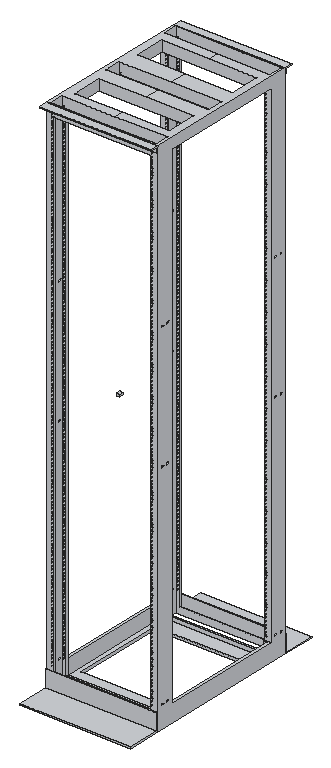
Revit family
Parameters
  Material ID = "760175711"
  Description = "EQUIPMENT RACK,FOUR POST,3/8\" SQUARE PUNCHED,19\" X 96\"H X 29\"D\r\n"
Reference planes (in)
  plane 1 "Center (Front/Back)": y = 0
  plane 2: z = 0
  plane 3 "Center (Left/Right)": x = 0
Forms (in)
  Extrusion 1, solid, not visible
    sketch origin (0, -14.305, 0) x (1, 0, 0) y (0, 0, 1)
      loop
        line (-8.5516, 0.86) -> (-8.5516, 0.46) -> (-7.9516, 0.46) -> (-7.9516, 0.86) -> (-8.5516, 0.86)
    from 0 to 0.77696
  Extrusion 2, solid
    sketch origin (0, 0, 0) x (1, 0, 0) y (0, 0, 1)
      loop
        line (-10.175, 54.12) -> (-10.175, -42) -> (10.175, -42) -> (10.175, 54.12) -> (0, 54.12) -> (-10.175, 54.12)
    from 0 to 29
  Extrusion 3, void
    sketch origin (0, 0, 0) x (1, 0, 0) y (0, 0, 1)
      loop
        line (-8.905, 52.12772) -> (-8.905, -40.8) -> (8.905, -40.8) -> (8.905, 52.12772) -> (-8.905, 52.12772)
    from 0 to 36
  Extrusion 4, void
    sketch origin (0, 0, 0) x (0, 1, 0) y (0, 0, 1)
      loop
        line (-3, 52.12772) -> (-25.79784, 52.12772) -> (-25.79784, -38.785) -> (-3, -38.785) -> (-3, 52.12772)
    from -31.70377 to 17.99623
  Extrusion 5, void
    sketch origin (0, 0, 0) x (0, 1, 0) y (0, 0, 1)
      loop
        line (-0.2, 59.72052) -> (-2.8, 59.72052) -> (-2.8, -66.46573) -> (-0.2, -66.46573) -> (-0.2, 59.72052)
    from -9.61605 to 9.71756
  Extrusion 6, void
    sketch origin (0, -29, 0) x (0, -1, 0) y (0, 0, -1)
      loop
        line (-0.2, -59.72052) -> (-0.2, 63.44959) -> (-2.8, 63.44959) -> (-2.8, -59.72052) -> (-0.2, -59.72052)
    from -9.61605 to 9.71756
  Extrusion 7, solid
    sketch origin (0, 0, -12) x (0, 1, 0) y (0, 0, 1)
      loop
        line (-29, -29.985) -> (-29, -26.785) -> (-29.2, -26.785) -> (-29.2, -29.785) -> (-35.2, -29.785) -> (-35.2, -29.985) -> (-29, -29.985)
      loop
        line (-29, 66.12) -> (-30.575, 66.12) -> (-30.575, 65.92) -> (-29.2, 65.92) -> (-29.2, 65.06396) -> (-29, 65.06396) -> (-29, 66.12)
      loop
        line (0, 66.12) -> (0, 65.06396) -> (0.2, 65.06396) -> (0.2, 65.92) -> (1.575, 65.92) -> (1.575, 66.12) -> (0, 66.12)
      loop
        line (0, -30) -> (6.2, -30) -> (6.2, -29.8) -> (0.2, -29.8) -> (0.2, -26.8) -> (0, -26.8) -> (0, -30)
    from -10.155 to 10.155
  Extrusion 8, void
    sketch origin (0, 0, 0) x (1, 0, 0) y (0, 1, 0)
      loop
        line (8.81573, -4.65622) -> (-8.68427, -4.65622) -> (-8.68427, -10.15622) -> (8.81573, -10.15622) -> (8.81573, -4.65622)
      loop
        line (9.39397, -13.32974) -> (-9.60603, -13.32974) -> (-9.60603, -16.32974) -> (9.39397, -16.32974) -> (9.39397, -13.32974)
      loop
        line (8.81573, -19.04784) -> (-8.68427, -19.04784) -> (-8.68427, -24.54784) -> (8.81573, -24.54784) -> (8.81573, -19.04784)
    from 59.72052 to 16.10929
  Extrusion 9, void
    sketch origin (0, 0, 0) x (1, 0, 0) y (0, 1, 0)
      loop
        line (8.74608, -23) -> (8.74608, -5.96462) -> (-8.75392, -5.96462) -> (-8.75392, -23) -> (8.74608, -23)
    from -52.54303 to 38.86972
  Extrusion 10, void
    sketch origin (0, 0, 0) x (0, 1, 0) y (0, 0, 1)
      loop
        circle (-26.875, 24.12) r 0.335
      loop
        circle (-28.125, 24.12) r 0.335
      loop
        circle (-0.875, 24.12) r 0.335
      loop
        circle (-2.125, 24.12) r 0.335
      loop
        circle (-26.875, 1.12) r 0.335
      loop
        circle (-28.125, 1.12) r 0.335
      loop
        circle (-0.875, 1.12) r 0.335
      loop
        circle (-2.125, 1.12) r 0.335
      loop
        circle (-26.875, -37.88) r 0.335
      loop
        circle (-28.125, -37.88) r 0.335
      loop
        circle (-0.875, -37.88) r 0.335
      loop
        circle (-2.125, -37.88) r 0.335
    from -24.88707 to 25.18322
  Extrusion 11, void
    sketch origin (0, 0, 0) x (1, 0, 0) y (0, 1, 0)
      loop
        line (-9.68285, -25.79784) -> (9.56715, -25.79784) -> (9.56715, -3.2) -> (-9.68285, -3.2) -> (-9.68285, -25.79784)
    from -41.49635 to -29.49635
  Extrusion 12, void
    sketch origin (0, 0, -12.25) x (1, 0, 0) y (0, 0, 1)
      loop
        line (-9.175, 52.604) -> (-9.264, 52.604) -> (-9.264, 52.515) -> (-9.264, 52.426) -> (-9.175, 52.426) -> (-9.086, 52.426) -> (-9.086, 52.604) -> (-9.175, 52.604)
      loop
        line (-9.175, 51.979) -> (-9.264, 51.979) -> (-9.264, 51.89) -> (-9.264, 51.801) -> (-9.175, 51.801) -> (-9.086, 51.801) -> (-9.086, 51.979) -> (-9.175, 51.979)
      loop
        line (-9.175, 51.354) -> (-9.264, 51.354) -> (-9.264, 51.265) -> (-9.264, 51.176) -> (-9.175, 51.176) -> (-9.086, 51.176) -> (-9.086, 51.354) -> (-9.175, 51.354)
      loop
        line (9.175, 52.604) -> (9.086, 52.604) -> (9.086, 52.426) -> (9.175, 52.426) -> (9.264, 52.426) -> (9.264, 52.515) -> (9.264, 52.604) -> (9.175, 52.604)
      loop
        line (9.175, 51.979) -> (9.086, 51.979) -> (9.086, 51.801) -> (9.175, 51.801) -> (9.264, 51.801) -> (9.264, 51.89) -> (9.264, 51.979) -> (9.175, 51.979)
      loop
        line (9.175, 51.354) -> (9.086, 51.354) -> (9.086, 51.176) -> (9.175, 51.176) -> (9.264, 51.176) -> (9.264, 51.265) -> (9.264, 51.354) -> (9.175, 51.354)
    from 0 to 36
  Extrusion 13, void
    sketch origin (0, 0, -14) x (1, 0, 0) y (0, 0, 1)
      loop
        line (-9.175, 52.604) -> (-9.264, 52.604) -> (-9.264, 52.515) -> (-9.264, 52.426) -> (-9.175, 52.426) -> (-9.086, 52.426) -> (-9.086, 52.604) -> (-9.175, 52.604)
      loop
        line (-9.175, 51.979) -> (-9.264, 51.979) -> (-9.264, 51.89) -> (-9.264, 51.801) -> (-9.175, 51.801) -> (-9.086, 51.801) -> (-9.086, 51.979) -> (-9.175, 51.979)
      loop
        line (-9.175, 51.354) -> (-9.264, 51.354) -> (-9.264, 51.265) -> (-9.264, 51.176) -> (-9.175, 51.176) -> (-9.086, 51.176) -> (-9.086, 51.354) -> (-9.175, 51.354)
      loop
        line (9.175, 52.604) -> (9.086, 52.604) -> (9.086, 52.426) -> (9.175, 52.426) -> (9.264, 52.426) -> (9.264, 52.515) -> (9.264, 52.604) -> (9.175, 52.604)
      loop
        line (9.175, 51.979) -> (9.086, 51.979) -> (9.086, 51.801) -> (9.175, 51.801) -> (9.264, 51.801) -> (9.264, 51.89) -> (9.264, 51.979) -> (9.175, 51.979)
      loop
        line (9.175, 51.354) -> (9.086, 51.354) -> (9.086, 51.176) -> (9.175, 51.176) -> (9.264, 51.176) -> (9.264, 51.265) -> (9.264, 51.354) -> (9.175, 51.354)
    from 0 to 36
  Extrusion 14, void
    sketch origin (0, 0, -15.75) x (1, 0, 0) y (0, 0, 1)
      loop
        line (-9.175, 52.604) -> (-9.264, 52.604) -> (-9.264, 52.515) -> (-9.264, 52.426) -> (-9.175, 52.426) -> (-9.086, 52.426) -> (-9.086, 52.604) -> (-9.175, 52.604)
      loop
        line (-9.175, 51.979) -> (-9.264, 51.979) -> (-9.264, 51.89) -> (-9.264, 51.801) -> (-9.175, 51.801) -> (-9.086, 51.801) -> (-9.086, 51.979) -> (-9.175, 51.979)
      loop
        line (-9.175, 51.354) -> (-9.264, 51.354) -> (-9.264, 51.265) -> (-9.264, 51.176) -> (-9.175, 51.176) -> (-9.086, 51.176) -> (-9.086, 51.354) -> (-9.175, 51.354)
      loop
        line (9.175, 52.604) -> (9.086, 52.604) -> (9.086, 52.426) -> (9.175, 52.426) -> (9.264, 52.426) -> (9.264, 52.515) -> (9.264, 52.604) -> (9.175, 52.604)
      loop
        line (9.175, 51.979) -> (9.086, 51.979) -> (9.086, 51.801) -> (9.175, 51.801) -> (9.264, 51.801) -> (9.264, 51.89) -> (9.264, 51.979) -> (9.175, 51.979)
      loop
        line (9.175, 51.354) -> (9.086, 51.354) -> (9.086, 51.176) -> (9.175, 51.176) -> (9.264, 51.176) -> (9.264, 51.265) -> (9.264, 51.354) -> (9.175, 51.354)
    from 0 to 36
  Extrusion 15, void
    sketch origin (0, 0, -17.5) x (1, 0, 0) y (0, 0, 1)
      loop
        line (-9.175, 52.604) -> (-9.264, 52.604) -> (-9.264, 52.515) -> (-9.264, 52.426) -> (-9.175, 52.426) -> (-9.086, 52.426) -> (-9.086, 52.604) -> (-9.175, 52.604)
      loop
        line (-9.175, 51.979) -> (-9.264, 51.979) -> (-9.264, 51.89) -> (-9.264, 51.801) -> (-9.175, 51.801) -> (-9.086, 51.801) -> (-9.086, 51.979) -> (-9.175, 51.979)
      loop
        line (-9.175, 51.354) -> (-9.264, 51.354) -> (-9.264, 51.265) -> (-9.264, 51.176) -> (-9.175, 51.176) -> (-9.086, 51.176) -> (-9.086, 51.354) -> (-9.175, 51.354)
      loop
        line (9.175, 52.604) -> (9.086, 52.604) -> (9.086, 52.426) -> (9.175, 52.426) -> (9.264, 52.426) -> (9.264, 52.515) -> (9.264, 52.604) -> (9.175, 52.604)
      loop
        line (9.175, 51.979) -> (9.086, 51.979) -> (9.086, 51.801) -> (9.175, 51.801) -> (9.264, 51.801) -> (9.264, 51.89) -> (9.264, 51.979) -> (9.175, 51.979)
      loop
        line (9.175, 51.354) -> (9.086, 51.354) -> (9.086, 51.176) -> (9.175, 51.176) -> (9.264, 51.176) -> (9.264, 51.265) -> (9.264, 51.354) -> (9.175, 51.354)
    from 0 to 36
  Extrusion 16, void
    sketch origin (0, 0, -19.25) x (1, 0, 0) y (0, 0, 1)
      loop
        line (-9.175, 52.604) -> (-9.264, 52.604) -> (-9.264, 52.515) -> (-9.264, 52.426) -> (-9.175, 52.426) -> (-9.086, 52.426) -> (-9.086, 52.604) -> (-9.175, 52.604)
      loop
        line (-9.175, 51.979) -> (-9.264, 51.979) -> (-9.264, 51.89) -> (-9.264, 51.801) -> (-9.175, 51.801) -> (-9.086, 51.801) -> (-9.086, 51.979) -> (-9.175, 51.979)
      loop
        line (-9.175, 51.354) -> (-9.264, 51.354) -> (-9.264, 51.265) -> (-9.264, 51.176) -> (-9.175, 51.176) -> (-9.086, 51.176) -> (-9.086, 51.354) -> (-9.175, 51.354)
      loop
        line (9.175, 52.604) -> (9.086, 52.604) -> (9.086, 52.426) -> (9.175, 52.426) -> (9.264, 52.426) -> (9.264, 52.515) -> (9.264, 52.604) -> (9.175, 52.604)
      loop
        line (9.175, 51.979) -> (9.086, 51.979) -> (9.086, 51.801) -> (9.175, 51.801) -> (9.264, 51.801) -> (9.264, 51.89) -> (9.264, 51.979) -> (9.175, 51.979)
      loop
        line (9.175, 51.354) -> (9.086, 51.354) -> (9.086, 51.176) -> (9.175, 51.176) -> (9.264, 51.176) -> (9.264, 51.265) -> (9.264, 51.354) -> (9.175, 51.354)
    from 0 to 36
  Extrusion 17, void
    sketch origin (0, 0, -21) x (1, 0, 0) y (0, 0, 1)
      loop
        line (-9.175, 52.604) -> (-9.264, 52.604) -> (-9.264, 52.515) -> (-9.264, 52.426) -> (-9.175, 52.426) -> (-9.086, 52.426) -> (-9.086, 52.604) -> (-9.175, 52.604)
      loop
        line (-9.175, 51.979) -> (-9.264, 51.979) -> (-9.264, 51.89) -> (-9.264, 51.801) -> (-9.175, 51.801) -> (-9.086, 51.801) -> (-9.086, 51.979) -> (-9.175, 51.979)
      loop
        line (-9.175, 51.354) -> (-9.264, 51.354) -> (-9.264, 51.265) -> (-9.264, 51.176) -> (-9.175, 51.176) -> (-9.086, 51.176) -> (-9.086, 51.354) -> (-9.175, 51.354)
      loop
        line (9.175, 52.604) -> (9.086, 52.604) -> (9.086, 52.426) -> (9.175, 52.426) -> (9.264, 52.426) -> (9.264, 52.515) -> (9.264, 52.604) -> (9.175, 52.604)
      loop
        line (9.175, 51.979) -> (9.086, 51.979) -> (9.086, 51.801) -> (9.175, 51.801) -> (9.264, 51.801) -> (9.264, 51.89) -> (9.264, 51.979) -> (9.175, 51.979)
      loop
        line (9.175, 51.354) -> (9.086, 51.354) -> (9.086, 51.176) -> (9.175, 51.176) -> (9.264, 51.176) -> (9.264, 51.265) -> (9.264, 51.354) -> (9.175, 51.354)
    from 0 to 36
  Extrusion 18, void
    sketch origin (0, 0, -22.75) x (1, 0, 0) y (0, 0, 1)
      loop
        line (-9.175, 52.604) -> (-9.264, 52.604) -> (-9.264, 52.515) -> (-9.264, 52.426) -> (-9.175, 52.426) -> (-9.086, 52.426) -> (-9.086, 52.604) -> (-9.175, 52.604)
      loop
        line (-9.175, 51.979) -> (-9.264, 51.979) -> (-9.264, 51.89) -> (-9.264, 51.801) -> (-9.175, 51.801) -> (-9.086, 51.801) -> (-9.086, 51.979) -> (-9.175, 51.979)
      loop
        line (-9.175, 51.354) -> (-9.264, 51.354) -> (-9.264, 51.265) -> (-9.264, 51.176) -> (-9.175, 51.176) -> (-9.086, 51.176) -> (-9.086, 51.354) -> (-9.175, 51.354)
      loop
        line (9.175, 52.604) -> (9.086, 52.604) -> (9.086, 52.426) -> (9.175, 52.426) -> (9.264, 52.426) -> (9.264, 52.515) -> (9.264, 52.604) -> (9.175, 52.604)
      loop
        line (9.175, 51.979) -> (9.086, 51.979) -> (9.086, 51.801) -> (9.175, 51.801) -> (9.264, 51.801) -> (9.264, 51.89) -> (9.264, 51.979) -> (9.175, 51.979)
      loop
        line (9.175, 51.354) -> (9.086, 51.354) -> (9.086, 51.176) -> (9.175, 51.176) -> (9.264, 51.176) -> (9.264, 51.265) -> (9.264, 51.354) -> (9.175, 51.354)
    from 0 to 36
  Extrusion 19, void
    sketch origin (0, 0, -24.5) x (1, 0, 0) y (0, 0, 1)
      loop
        line (-9.175, 52.604) -> (-9.264, 52.604) -> (-9.264, 52.515) -> (-9.264, 52.426) -> (-9.175, 52.426) -> (-9.086, 52.426) -> (-9.086, 52.604) -> (-9.175, 52.604)
      loop
        line (-9.175, 51.979) -> (-9.264, 51.979) -> (-9.264, 51.89) -> (-9.264, 51.801) -> (-9.175, 51.801) -> (-9.086, 51.801) -> (-9.086, 51.979) -> (-9.175, 51.979)
      loop
        line (-9.175, 51.354) -> (-9.264, 51.354) -> (-9.264, 51.265) -> (-9.264, 51.176) -> (-9.175, 51.176) -> (-9.086, 51.176) -> (-9.086, 51.354) -> (-9.175, 51.354)
      loop
        line (9.175, 52.604) -> (9.086, 52.604) -> (9.086, 52.426) -> (9.175, 52.426) -> (9.264, 52.426) -> (9.264, 52.515) -> (9.264, 52.604) -> (9.175, 52.604)
      loop
        line (9.175, 51.979) -> (9.086, 51.979) -> (9.086, 51.801) -> (9.175, 51.801) -> (9.264, 51.801) -> (9.264, 51.89) -> (9.264, 51.979) -> (9.175, 51.979)
      loop
        line (9.175, 51.354) -> (9.086, 51.354) -> (9.086, 51.176) -> (9.175, 51.176) -> (9.264, 51.176) -> (9.264, 51.265) -> (9.264, 51.354) -> (9.175, 51.354)
    from 0 to 36
  Extrusion 20, void
    sketch origin (0, 0, -26.25) x (1, 0, 0) y (0, 0, 1)
      loop
        line (-9.175, 52.604) -> (-9.264, 52.604) -> (-9.264, 52.515) -> (-9.264, 52.426) -> (-9.175, 52.426) -> (-9.086, 52.426) -> (-9.086, 52.604) -> (-9.175, 52.604)
      loop
        line (-9.175, 51.979) -> (-9.264, 51.979) -> (-9.264, 51.89) -> (-9.264, 51.801) -> (-9.175, 51.801) -> (-9.086, 51.801) -> (-9.086, 51.979) -> (-9.175, 51.979)
      loop
        line (-9.175, 51.354) -> (-9.264, 51.354) -> (-9.264, 51.265) -> (-9.264, 51.176) -> (-9.175, 51.176) -> (-9.086, 51.176) -> (-9.086, 51.354) -> (-9.175, 51.354)
      loop
        line (9.175, 52.604) -> (9.086, 52.604) -> (9.086, 52.426) -> (9.175, 52.426) -> (9.264, 52.426) -> (9.264, 52.515) -> (9.264, 52.604) -> (9.175, 52.604)
      loop
        line (9.175, 51.979) -> (9.086, 51.979) -> (9.086, 51.801) -> (9.175, 51.801) -> (9.264, 51.801) -> (9.264, 51.89) -> (9.264, 51.979) -> (9.175, 51.979)
      loop
        line (9.175, 51.354) -> (9.086, 51.354) -> (9.086, 51.176) -> (9.175, 51.176) -> (9.264, 51.176) -> (9.264, 51.265) -> (9.264, 51.354) -> (9.175, 51.354)
    from 0 to 36
  Extrusion 21, void
    sketch origin (0, 0, -28) x (1, 0, 0) y (0, 0, 1)
      loop
        line (-9.175, 52.604) -> (-9.264, 52.604) -> (-9.264, 52.515) -> (-9.264, 52.426) -> (-9.175, 52.426) -> (-9.086, 52.426) -> (-9.086, 52.604) -> (-9.175, 52.604)
      loop
        line (-9.175, 51.979) -> (-9.264, 51.979) -> (-9.264, 51.89) -> (-9.264, 51.801) -> (-9.175, 51.801) -> (-9.086, 51.801) -> (-9.086, 51.979) -> (-9.175, 51.979)
      loop
        line (-9.175, 51.354) -> (-9.264, 51.354) -> (-9.264, 51.265) -> (-9.264, 51.176) -> (-9.175, 51.176) -> (-9.086, 51.176) -> (-9.086, 51.354) -> (-9.175, 51.354)
      loop
        line (9.175, 52.604) -> (9.086, 52.604) -> (9.086, 52.426) -> (9.175, 52.426) -> (9.264, 52.426) -> (9.264, 52.515) -> (9.264, 52.604) -> (9.175, 52.604)
      loop
        line (9.175, 51.979) -> (9.086, 51.979) -> (9.086, 51.801) -> (9.175, 51.801) -> (9.264, 51.801) -> (9.264, 51.89) -> (9.264, 51.979) -> (9.175, 51.979)
      loop
        line (9.175, 51.354) -> (9.086, 51.354) -> (9.086, 51.176) -> (9.175, 51.176) -> (9.264, 51.176) -> (9.264, 51.265) -> (9.264, 51.354) -> (9.175, 51.354)
    from 0 to 36
  Extrusion 22, void
    sketch origin (0, 0, -29.75) x (1, 0, 0) y (0, 0, 1)
      loop
        line (-9.175, 52.604) -> (-9.264, 52.604) -> (-9.264, 52.515) -> (-9.264, 52.426) -> (-9.175, 52.426) -> (-9.086, 52.426) -> (-9.086, 52.604) -> (-9.175, 52.604)
      loop
        line (-9.175, 51.979) -> (-9.264, 51.979) -> (-9.264, 51.89) -> (-9.264, 51.801) -> (-9.175, 51.801) -> (-9.086, 51.801) -> (-9.086, 51.979) -> (-9.175, 51.979)
      loop
        line (-9.175, 51.354) -> (-9.264, 51.354) -> (-9.264, 51.265) -> (-9.264, 51.176) -> (-9.175, 51.176) -> (-9.086, 51.176) -> (-9.086, 51.354) -> (-9.175, 51.354)
      loop
        line (9.175, 52.604) -> (9.086, 52.604) -> (9.086, 52.426) -> (9.175, 52.426) -> (9.264, 52.426) -> (9.264, 52.515) -> (9.264, 52.604) -> (9.175, 52.604)
      loop
        line (9.175, 51.979) -> (9.086, 51.979) -> (9.086, 51.801) -> (9.175, 51.801) -> (9.264, 51.801) -> (9.264, 51.89) -> (9.264, 51.979) -> (9.175, 51.979)
      loop
        line (9.175, 51.354) -> (9.086, 51.354) -> (9.086, 51.176) -> (9.175, 51.176) -> (9.264, 51.176) -> (9.264, 51.265) -> (9.264, 51.354) -> (9.175, 51.354)
    from 0 to 36
  Extrusion 23, void
    sketch origin (0, 0, -31.5) x (1, 0, 0) y (0, 0, 1)
      loop
        line (-9.175, 52.604) -> (-9.264, 52.604) -> (-9.264, 52.515) -> (-9.264, 52.426) -> (-9.175, 52.426) -> (-9.086, 52.426) -> (-9.086, 52.604) -> (-9.175, 52.604)
      loop
        line (-9.175, 51.979) -> (-9.264, 51.979) -> (-9.264, 51.89) -> (-9.264, 51.801) -> (-9.175, 51.801) -> (-9.086, 51.801) -> (-9.086, 51.979) -> (-9.175, 51.979)
      loop
        line (-9.175, 51.354) -> (-9.264, 51.354) -> (-9.264, 51.265) -> (-9.264, 51.176) -> (-9.175, 51.176) -> (-9.086, 51.176) -> (-9.086, 51.354) -> (-9.175, 51.354)
      loop
        line (9.175, 52.604) -> (9.086, 52.604) -> (9.086, 52.426) -> (9.175, 52.426) -> (9.264, 52.426) -> (9.264, 52.515) -> (9.264, 52.604) -> (9.175, 52.604)
      loop
        line (9.175, 51.979) -> (9.086, 51.979) -> (9.086, 51.801) -> (9.175, 51.801) -> (9.264, 51.801) -> (9.264, 51.89) -> (9.264, 51.979) -> (9.175, 51.979)
      loop
        line (9.175, 51.354) -> (9.086, 51.354) -> (9.086, 51.176) -> (9.175, 51.176) -> (9.264, 51.176) -> (9.264, 51.265) -> (9.264, 51.354) -> (9.175, 51.354)
    from 0 to 36
  Extrusion 24, void
    sketch origin (0, 0, -33.25) x (1, 0, 0) y (0, 0, 1)
      loop
        line (-9.175, 52.604) -> (-9.264, 52.604) -> (-9.264, 52.515) -> (-9.264, 52.426) -> (-9.175, 52.426) -> (-9.086, 52.426) -> (-9.086, 52.604) -> (-9.175, 52.604)
      loop
        line (-9.175, 51.979) -> (-9.264, 51.979) -> (-9.264, 51.89) -> (-9.264, 51.801) -> (-9.175, 51.801) -> (-9.086, 51.801) -> (-9.086, 51.979) -> (-9.175, 51.979)
      loop
        line (-9.175, 51.354) -> (-9.264, 51.354) -> (-9.264, 51.265) -> (-9.264, 51.176) -> (-9.175, 51.176) -> (-9.086, 51.176) -> (-9.086, 51.354) -> (-9.175, 51.354)
      loop
        line (9.175, 52.604) -> (9.086, 52.604) -> (9.086, 52.426) -> (9.175, 52.426) -> (9.264, 52.426) -> (9.264, 52.515) -> (9.264, 52.604) -> (9.175, 52.604)
      loop
        line (9.175, 51.979) -> (9.086, 51.979) -> (9.086, 51.801) -> (9.175, 51.801) -> (9.264, 51.801) -> (9.264, 51.89) -> (9.264, 51.979) -> (9.175, 51.979)
      loop
        line (9.175, 51.354) -> (9.086, 51.354) -> (9.086, 51.176) -> (9.175, 51.176) -> (9.264, 51.176) -> (9.264, 51.265) -> (9.264, 51.354) -> (9.175, 51.354)
    from 0 to 36
  Extrusion 25, void
    sketch origin (0, 0, -35) x (1, 0, 0) y (0, 0, 1)
      loop
        line (-9.175, 52.604) -> (-9.264, 52.604) -> (-9.264, 52.515) -> (-9.264, 52.426) -> (-9.175, 52.426) -> (-9.086, 52.426) -> (-9.086, 52.604) -> (-9.175, 52.604)
      loop
        line (-9.175, 51.979) -> (-9.264, 51.979) -> (-9.264, 51.89) -> (-9.264, 51.801) -> (-9.175, 51.801) -> (-9.086, 51.801) -> (-9.086, 51.979) -> (-9.175, 51.979)
      loop
        line (-9.175, 51.354) -> (-9.264, 51.354) -> (-9.264, 51.265) -> (-9.264, 51.176) -> (-9.175, 51.176) -> (-9.086, 51.176) -> (-9.086, 51.354) -> (-9.175, 51.354)
      loop
        line (9.175, 52.604) -> (9.086, 52.604) -> (9.086, 52.426) -> (9.175, 52.426) -> (9.264, 52.426) -> (9.264, 52.515) -> (9.264, 52.604) -> (9.175, 52.604)
      loop
        line (9.175, 51.979) -> (9.086, 51.979) -> (9.086, 51.801) -> (9.175, 51.801) -> (9.264, 51.801) -> (9.264, 51.89) -> (9.264, 51.979) -> (9.175, 51.979)
      loop
        line (9.175, 51.354) -> (9.086, 51.354) -> (9.086, 51.176) -> (9.175, 51.176) -> (9.264, 51.176) -> (9.264, 51.265) -> (9.264, 51.354) -> (9.175, 51.354)
    from 0 to 36
  Extrusion 26, void
    sketch origin (0, 0, -36.75) x (1, 0, 0) y (0, 0, 1)
      loop
        line (-9.175, 52.604) -> (-9.264, 52.604) -> (-9.264, 52.515) -> (-9.264, 52.426) -> (-9.175, 52.426) -> (-9.086, 52.426) -> (-9.086, 52.604) -> (-9.175, 52.604)
      loop
        line (-9.175, 51.979) -> (-9.264, 51.979) -> (-9.264, 51.89) -> (-9.264, 51.801) -> (-9.175, 51.801) -> (-9.086, 51.801) -> (-9.086, 51.979) -> (-9.175, 51.979)
      loop
        line (-9.175, 51.354) -> (-9.264, 51.354) -> (-9.264, 51.265) -> (-9.264, 51.176) -> (-9.175, 51.176) -> (-9.086, 51.176) -> (-9.086, 51.354) -> (-9.175, 51.354)
      loop
        line (9.175, 52.604) -> (9.086, 52.604) -> (9.086, 52.426) -> (9.175, 52.426) -> (9.264, 52.426) -> (9.264, 52.515) -> (9.264, 52.604) -> (9.175, 52.604)
      loop
        line (9.175, 51.979) -> (9.086, 51.979) -> (9.086, 51.801) -> (9.175, 51.801) -> (9.264, 51.801) -> (9.264, 51.89) -> (9.264, 51.979) -> (9.175, 51.979)
      loop
        line (9.175, 51.354) -> (9.086, 51.354) -> (9.086, 51.176) -> (9.175, 51.176) -> (9.264, 51.176) -> (9.264, 51.265) -> (9.264, 51.354) -> (9.175, 51.354)
    from 0 to 36
  Extrusion 27, void
    sketch origin (0, 0, -38.5) x (1, 0, 0) y (0, 0, 1)
      loop
        line (-9.175, 52.604) -> (-9.264, 52.604) -> (-9.264, 52.515) -> (-9.264, 52.426) -> (-9.175, 52.426) -> (-9.086, 52.426) -> (-9.086, 52.604) -> (-9.175, 52.604)
      loop
        line (-9.175, 51.979) -> (-9.264, 51.979) -> (-9.264, 51.89) -> (-9.264, 51.801) -> (-9.175, 51.801) -> (-9.086, 51.801) -> (-9.086, 51.979) -> (-9.175, 51.979)
      loop
        line (-9.175, 51.354) -> (-9.264, 51.354) -> (-9.264, 51.265) -> (-9.264, 51.176) -> (-9.175, 51.176) -> (-9.086, 51.176) -> (-9.086, 51.354) -> (-9.175, 51.354)
      loop
        line (9.175, 52.604) -> (9.086, 52.604) -> (9.086, 52.426) -> (9.175, 52.426) -> (9.264, 52.426) -> (9.264, 52.515) -> (9.264, 52.604) -> (9.175, 52.604)
      loop
        line (9.175, 51.979) -> (9.086, 51.979) -> (9.086, 51.801) -> (9.175, 51.801) -> (9.264, 51.801) -> (9.264, 51.89) -> (9.264, 51.979) -> (9.175, 51.979)
      loop
        line (9.175, 51.354) -> (9.086, 51.354) -> (9.086, 51.176) -> (9.175, 51.176) -> (9.264, 51.176) -> (9.264, 51.265) -> (9.264, 51.354) -> (9.175, 51.354)
    from 0 to 36
  Extrusion 28, void
    sketch origin (0, 0, -40.25) x (1, 0, 0) y (0, 0, 1)
      loop
        line (-9.175, 52.604) -> (-9.264, 52.604) -> (-9.264, 52.515) -> (-9.264, 52.426) -> (-9.175, 52.426) -> (-9.086, 52.426) -> (-9.086, 52.604) -> (-9.175, 52.604)
      loop
        line (-9.175, 51.979) -> (-9.264, 51.979) -> (-9.264, 51.89) -> (-9.264, 51.801) -> (-9.175, 51.801) -> (-9.086, 51.801) -> (-9.086, 51.979) -> (-9.175, 51.979)
      loop
        line (-9.175, 51.354) -> (-9.264, 51.354) -> (-9.264, 51.265) -> (-9.264, 51.176) -> (-9.175, 51.176) -> (-9.086, 51.176) -> (-9.086, 51.354) -> (-9.175, 51.354)
      loop
        line (9.175, 52.604) -> (9.086, 52.604) -> (9.086, 52.426) -> (9.175, 52.426) -> (9.264, 52.426) -> (9.264, 52.515) -> (9.264, 52.604) -> (9.175, 52.604)
      loop
        line (9.175, 51.979) -> (9.086, 51.979) -> (9.086, 51.801) -> (9.175, 51.801) -> (9.264, 51.801) -> (9.264, 51.89) -> (9.264, 51.979) -> (9.175, 51.979)
      loop
        line (9.175, 51.354) -> (9.086, 51.354) -> (9.086, 51.176) -> (9.175, 51.176) -> (9.264, 51.176) -> (9.264, 51.265) -> (9.264, 51.354) -> (9.175, 51.354)
    from 0 to 36
  Extrusion 29, void
    sketch origin (0, 0, -42) x (1, 0, 0) y (0, 0, 1)
      loop
        line (-9.175, 52.604) -> (-9.264, 52.604) -> (-9.264, 52.515) -> (-9.264, 52.426) -> (-9.175, 52.426) -> (-9.086, 52.426) -> (-9.086, 52.604) -> (-9.175, 52.604)
      loop
        line (-9.175, 51.979) -> (-9.264, 51.979) -> (-9.264, 51.89) -> (-9.264, 51.801) -> (-9.175, 51.801) -> (-9.086, 51.801) -> (-9.086, 51.979) -> (-9.175, 51.979)
      loop
        line (-9.175, 51.354) -> (-9.264, 51.354) -> (-9.264, 51.265) -> (-9.264, 51.176) -> (-9.175, 51.176) -> (-9.086, 51.176) -> (-9.086, 51.354) -> (-9.175, 51.354)
      loop
        line (9.175, 52.604) -> (9.086, 52.604) -> (9.086, 52.426) -> (9.175, 52.426) -> (9.264, 52.426) -> (9.264, 52.515) -> (9.264, 52.604) -> (9.175, 52.604)
      loop
        line (9.175, 51.979) -> (9.086, 51.979) -> (9.086, 51.801) -> (9.175, 51.801) -> (9.264, 51.801) -> (9.264, 51.89) -> (9.264, 51.979) -> (9.175, 51.979)
      loop
        line (9.175, 51.354) -> (9.086, 51.354) -> (9.086, 51.176) -> (9.175, 51.176) -> (9.264, 51.176) -> (9.264, 51.265) -> (9.264, 51.354) -> (9.175, 51.354)
    from 0 to 36
  Extrusion 30, void
    sketch origin (0, 0, -43.75) x (1, 0, 0) y (0, 0, 1)
      loop
        line (-9.175, 52.604) -> (-9.264, 52.604) -> (-9.264, 52.515) -> (-9.264, 52.426) -> (-9.175, 52.426) -> (-9.086, 52.426) -> (-9.086, 52.604) -> (-9.175, 52.604)
      loop
        line (-9.175, 51.979) -> (-9.264, 51.979) -> (-9.264, 51.89) -> (-9.264, 51.801) -> (-9.175, 51.801) -> (-9.086, 51.801) -> (-9.086, 51.979) -> (-9.175, 51.979)
      loop
        line (-9.175, 51.354) -> (-9.264, 51.354) -> (-9.264, 51.265) -> (-9.264, 51.176) -> (-9.175, 51.176) -> (-9.086, 51.176) -> (-9.086, 51.354) -> (-9.175, 51.354)
      loop
        line (9.175, 52.604) -> (9.086, 52.604) -> (9.086, 52.426) -> (9.175, 52.426) -> (9.264, 52.426) -> (9.264, 52.515) -> (9.264, 52.604) -> (9.175, 52.604)
      loop
        line (9.175, 51.979) -> (9.086, 51.979) -> (9.086, 51.801) -> (9.175, 51.801) -> (9.264, 51.801) -> (9.264, 51.89) -> (9.264, 51.979) -> (9.175, 51.979)
      loop
        line (9.175, 51.354) -> (9.086, 51.354) -> (9.086, 51.176) -> (9.175, 51.176) -> (9.264, 51.176) -> (9.264, 51.265) -> (9.264, 51.354) -> (9.175, 51.354)
    from 0 to 36
  Extrusion 31, void
    sketch origin (0, 0, -45.5) x (1, 0, 0) y (0, 0, 1)
      loop
        line (-9.175, 52.604) -> (-9.264, 52.604) -> (-9.264, 52.515) -> (-9.264, 52.426) -> (-9.175, 52.426) -> (-9.086, 52.426) -> (-9.086, 52.604) -> (-9.175, 52.604)
      loop
        line (-9.175, 51.979) -> (-9.264, 51.979) -> (-9.264, 51.89) -> (-9.264, 51.801) -> (-9.175, 51.801) -> (-9.086, 51.801) -> (-9.086, 51.979) -> (-9.175, 51.979)
      loop
        line (-9.175, 51.354) -> (-9.264, 51.354) -> (-9.264, 51.265) -> (-9.264, 51.176) -> (-9.175, 51.176) -> (-9.086, 51.176) -> (-9.086, 51.354) -> (-9.175, 51.354)
      loop
        line (9.175, 52.604) -> (9.086, 52.604) -> (9.086, 52.426) -> (9.175, 52.426) -> (9.264, 52.426) -> (9.264, 52.515) -> (9.264, 52.604) -> (9.175, 52.604)
      loop
        line (9.175, 51.979) -> (9.086, 51.979) -> (9.086, 51.801) -> (9.175, 51.801) -> (9.264, 51.801) -> (9.264, 51.89) -> (9.264, 51.979) -> (9.175, 51.979)
      loop
        line (9.175, 51.354) -> (9.086, 51.354) -> (9.086, 51.176) -> (9.175, 51.176) -> (9.264, 51.176) -> (9.264, 51.265) -> (9.264, 51.354) -> (9.175, 51.354)
    from 0 to 36
  Extrusion 32, void
    sketch origin (0, 0, -47.25) x (1, 0, 0) y (0, 0, 1)
      loop
        line (-9.175, 52.604) -> (-9.264, 52.604) -> (-9.264, 52.515) -> (-9.264, 52.426) -> (-9.175, 52.426) -> (-9.086, 52.426) -> (-9.086, 52.604) -> (-9.175, 52.604)
      loop
        line (-9.175, 51.979) -> (-9.264, 51.979) -> (-9.264, 51.89) -> (-9.264, 51.801) -> (-9.175, 51.801) -> (-9.086, 51.801) -> (-9.086, 51.979) -> (-9.175, 51.979)
      loop
        line (-9.175, 51.354) -> (-9.264, 51.354) -> (-9.264, 51.265) -> (-9.264, 51.176) -> (-9.175, 51.176) -> (-9.086, 51.176) -> (-9.086, 51.354) -> (-9.175, 51.354)
      loop
        line (9.175, 52.604) -> (9.086, 52.604) -> (9.086, 52.426) -> (9.175, 52.426) -> (9.264, 52.426) -> (9.264, 52.515) -> (9.264, 52.604) -> (9.175, 52.604)
      loop
        line (9.175, 51.979) -> (9.086, 51.979) -> (9.086, 51.801) -> (9.175, 51.801) -> (9.264, 51.801) -> (9.264, 51.89) -> (9.264, 51.979) -> (9.175, 51.979)
      loop
        line (9.175, 51.354) -> (9.086, 51.354) -> (9.086, 51.176) -> (9.175, 51.176) -> (9.264, 51.176) -> (9.264, 51.265) -> (9.264, 51.354) -> (9.175, 51.354)
    from 0 to 36
  Extrusion 33, void
    sketch origin (0, 0, -49) x (1, 0, 0) y (0, 0, 1)
      loop
        line (-9.175, 52.604) -> (-9.264, 52.604) -> (-9.264, 52.515) -> (-9.264, 52.426) -> (-9.175, 52.426) -> (-9.086, 52.426) -> (-9.086, 52.604) -> (-9.175, 52.604)
      loop
        line (-9.175, 51.979) -> (-9.264, 51.979) -> (-9.264, 51.89) -> (-9.264, 51.801) -> (-9.175, 51.801) -> (-9.086, 51.801) -> (-9.086, 51.979) -> (-9.175, 51.979)
      loop
        line (-9.175, 51.354) -> (-9.264, 51.354) -> (-9.264, 51.265) -> (-9.264, 51.176) -> (-9.175, 51.176) -> (-9.086, 51.176) -> (-9.086, 51.354) -> (-9.175, 51.354)
      loop
        line (9.175, 52.604) -> (9.086, 52.604) -> (9.086, 52.426) -> (9.175, 52.426) -> (9.264, 52.426) -> (9.264, 52.515) -> (9.264, 52.604) -> (9.175, 52.604)
      loop
        line (9.175, 51.979) -> (9.086, 51.979) -> (9.086, 51.801) -> (9.175, 51.801) -> (9.264, 51.801) -> (9.264, 51.89) -> (9.264, 51.979) -> (9.175, 51.979)
      loop
        line (9.175, 51.354) -> (9.086, 51.354) -> (9.086, 51.176) -> (9.175, 51.176) -> (9.264, 51.176) -> (9.264, 51.265) -> (9.264, 51.354) -> (9.175, 51.354)
    from 0 to 36
  Extrusion 34, void
    sketch origin (0, 0, -50.75) x (1, 0, 0) y (0, 0, 1)
      loop
        line (-9.175, 52.604) -> (-9.264, 52.604) -> (-9.264, 52.515) -> (-9.264, 52.426) -> (-9.175, 52.426) -> (-9.086, 52.426) -> (-9.086, 52.604) -> (-9.175, 52.604)
      loop
        line (-9.175, 51.979) -> (-9.264, 51.979) -> (-9.264, 51.89) -> (-9.264, 51.801) -> (-9.175, 51.801) -> (-9.086, 51.801) -> (-9.086, 51.979) -> (-9.175, 51.979)
      loop
        line (-9.175, 51.354) -> (-9.264, 51.354) -> (-9.264, 51.265) -> (-9.264, 51.176) -> (-9.175, 51.176) -> (-9.086, 51.176) -> (-9.086, 51.354) -> (-9.175, 51.354)
      loop
        line (9.175, 52.604) -> (9.086, 52.604) -> (9.086, 52.426) -> (9.175, 52.426) -> (9.264, 52.426) -> (9.264, 52.515) -> (9.264, 52.604) -> (9.175, 52.604)
      loop
        line (9.175, 51.979) -> (9.086, 51.979) -> (9.086, 51.801) -> (9.175, 51.801) -> (9.264, 51.801) -> (9.264, 51.89) -> (9.264, 51.979) -> (9.175, 51.979)
      loop
        line (9.175, 51.354) -> (9.086, 51.354) -> (9.086, 51.176) -> (9.175, 51.176) -> (9.264, 51.176) -> (9.264, 51.265) -> (9.264, 51.354) -> (9.175, 51.354)
    from 0 to 36
  Extrusion 35, void
    sketch origin (0, 0, -52.5) x (1, 0, 0) y (0, 0, 1)
      loop
        line (-9.175, 52.604) -> (-9.264, 52.604) -> (-9.264, 52.515) -> (-9.264, 52.426) -> (-9.175, 52.426) -> (-9.086, 52.426) -> (-9.086, 52.604) -> (-9.175, 52.604)
      loop
        line (-9.175, 51.979) -> (-9.264, 51.979) -> (-9.264, 51.89) -> (-9.264, 51.801) -> (-9.175, 51.801) -> (-9.086, 51.801) -> (-9.086, 51.979) -> (-9.175, 51.979)
      loop
        line (-9.175, 51.354) -> (-9.264, 51.354) -> (-9.264, 51.265) -> (-9.264, 51.176) -> (-9.175, 51.176) -> (-9.086, 51.176) -> (-9.086, 51.354) -> (-9.175, 51.354)
      loop
        line (9.175, 52.604) -> (9.086, 52.604) -> (9.086, 52.426) -> (9.175, 52.426) -> (9.264, 52.426) -> (9.264, 52.515) -> (9.264, 52.604) -> (9.175, 52.604)
      loop
        line (9.175, 51.979) -> (9.086, 51.979) -> (9.086, 51.801) -> (9.175, 51.801) -> (9.264, 51.801) -> (9.264, 51.89) -> (9.264, 51.979) -> (9.175, 51.979)
      loop
        line (9.175, 51.354) -> (9.086, 51.354) -> (9.086, 51.176) -> (9.175, 51.176) -> (9.264, 51.176) -> (9.264, 51.265) -> (9.264, 51.354) -> (9.175, 51.354)
    from 0 to 36
  Extrusion 36, void
    sketch origin (0, 0, -54.25) x (1, 0, 0) y (0, 0, 1)
      loop
        line (-9.175, 52.604) -> (-9.264, 52.604) -> (-9.264, 52.515) -> (-9.264, 52.426) -> (-9.175, 52.426) -> (-9.086, 52.426) -> (-9.086, 52.604) -> (-9.175, 52.604)
      loop
        line (-9.175, 51.979) -> (-9.264, 51.979) -> (-9.264, 51.89) -> (-9.264, 51.801) -> (-9.175, 51.801) -> (-9.086, 51.801) -> (-9.086, 51.979) -> (-9.175, 51.979)
      loop
        line (-9.175, 51.354) -> (-9.264, 51.354) -> (-9.264, 51.265) -> (-9.264, 51.176) -> (-9.175, 51.176) -> (-9.086, 51.176) -> (-9.086, 51.354) -> (-9.175, 51.354)
      loop
        line (9.175, 52.604) -> (9.086, 52.604) -> (9.086, 52.426) -> (9.175, 52.426) -> (9.264, 52.426) -> (9.264, 52.515) -> (9.264, 52.604) -> (9.175, 52.604)
      loop
        line (9.175, 51.979) -> (9.086, 51.979) -> (9.086, 51.801) -> (9.175, 51.801) -> (9.264, 51.801) -> (9.264, 51.89) -> (9.264, 51.979) -> (9.175, 51.979)
      loop
        line (9.175, 51.354) -> (9.086, 51.354) -> (9.086, 51.176) -> (9.175, 51.176) -> (9.264, 51.176) -> (9.264, 51.265) -> (9.264, 51.354) -> (9.175, 51.354)
    from 0 to 36
  Extrusion 37, void
    sketch origin (0, 0, -56) x (1, 0, 0) y (0, 0, 1)
      loop
        line (-9.175, 52.604) -> (-9.264, 52.604) -> (-9.264, 52.515) -> (-9.264, 52.426) -> (-9.175, 52.426) -> (-9.086, 52.426) -> (-9.086, 52.604) -> (-9.175, 52.604)
      loop
        line (-9.175, 51.979) -> (-9.264, 51.979) -> (-9.264, 51.89) -> (-9.264, 51.801) -> (-9.175, 51.801) -> (-9.086, 51.801) -> (-9.086, 51.979) -> (-9.175, 51.979)
      loop
        line (-9.175, 51.354) -> (-9.264, 51.354) -> (-9.264, 51.265) -> (-9.264, 51.176) -> (-9.175, 51.176) -> (-9.086, 51.176) -> (-9.086, 51.354) -> (-9.175, 51.354)
      loop
        line (9.175, 52.604) -> (9.086, 52.604) -> (9.086, 52.426) -> (9.175, 52.426) -> (9.264, 52.426) -> (9.264, 52.515) -> (9.264, 52.604) -> (9.175, 52.604)
      loop
        line (9.175, 51.979) -> (9.086, 51.979) -> (9.086, 51.801) -> (9.175, 51.801) -> (9.264, 51.801) -> (9.264, 51.89) -> (9.264, 51.979) -> (9.175, 51.979)
      loop
        line (9.175, 51.354) -> (9.086, 51.354) -> (9.086, 51.176) -> (9.175, 51.176) -> (9.264, 51.176) -> (9.264, 51.265) -> (9.264, 51.354) -> (9.175, 51.354)
    from 0 to 36
  Extrusion 38, void
    sketch origin (0, 0, -57.75) x (1, 0, 0) y (0, 0, 1)
      loop
        line (-9.175, 52.604) -> (-9.264, 52.604) -> (-9.264, 52.515) -> (-9.264, 52.426) -> (-9.175, 52.426) -> (-9.086, 52.426) -> (-9.086, 52.604) -> (-9.175, 52.604)
      loop
        line (-9.175, 51.979) -> (-9.264, 51.979) -> (-9.264, 51.89) -> (-9.264, 51.801) -> (-9.175, 51.801) -> (-9.086, 51.801) -> (-9.086, 51.979) -> (-9.175, 51.979)
      loop
        line (-9.175, 51.354) -> (-9.264, 51.354) -> (-9.264, 51.265) -> (-9.264, 51.176) -> (-9.175, 51.176) -> (-9.086, 51.176) -> (-9.086, 51.354) -> (-9.175, 51.354)
      loop
        line (9.175, 52.604) -> (9.086, 52.604) -> (9.086, 52.426) -> (9.175, 52.426) -> (9.264, 52.426) -> (9.264, 52.515) -> (9.264, 52.604) -> (9.175, 52.604)
      loop
        line (9.175, 51.979) -> (9.086, 51.979) -> (9.086, 51.801) -> (9.175, 51.801) -> (9.264, 51.801) -> (9.264, 51.89) -> (9.264, 51.979) -> (9.175, 51.979)
      loop
        line (9.175, 51.354) -> (9.086, 51.354) -> (9.086, 51.176) -> (9.175, 51.176) -> (9.264, 51.176) -> (9.264, 51.265) -> (9.264, 51.354) -> (9.175, 51.354)
    from 0 to 36
  Extrusion 39, void
    sketch origin (0, 0, -59.5) x (1, 0, 0) y (0, 0, 1)
      loop
        line (-9.175, 52.604) -> (-9.264, 52.604) -> (-9.264, 52.515) -> (-9.264, 52.426) -> (-9.175, 52.426) -> (-9.086, 52.426) -> (-9.086, 52.604) -> (-9.175, 52.604)
      loop
        line (-9.175, 51.979) -> (-9.264, 51.979) -> (-9.264, 51.89) -> (-9.264, 51.801) -> (-9.175, 51.801) -> (-9.086, 51.801) -> (-9.086, 51.979) -> (-9.175, 51.979)
      loop
        line (-9.175, 51.354) -> (-9.264, 51.354) -> (-9.264, 51.265) -> (-9.264, 51.176) -> (-9.175, 51.176) -> (-9.086, 51.176) -> (-9.086, 51.354) -> (-9.175, 51.354)
      loop
        line (9.175, 52.604) -> (9.086, 52.604) -> (9.086, 52.426) -> (9.175, 52.426) -> (9.264, 52.426) -> (9.264, 52.515) -> (9.264, 52.604) -> (9.175, 52.604)
      loop
        line (9.175, 51.979) -> (9.086, 51.979) -> (9.086, 51.801) -> (9.175, 51.801) -> (9.264, 51.801) -> (9.264, 51.89) -> (9.264, 51.979) -> (9.175, 51.979)
      loop
        line (9.175, 51.354) -> (9.086, 51.354) -> (9.086, 51.176) -> (9.175, 51.176) -> (9.264, 51.176) -> (9.264, 51.265) -> (9.264, 51.354) -> (9.175, 51.354)
    from 0 to 36
  Extrusion 40, void
    sketch origin (0, 0, -61.25) x (1, 0, 0) y (0, 0, 1)
      loop
        line (-9.175, 52.604) -> (-9.264, 52.604) -> (-9.264, 52.515) -> (-9.264, 52.426) -> (-9.175, 52.426) -> (-9.086, 52.426) -> (-9.086, 52.604) -> (-9.175, 52.604)
      loop
        line (-9.175, 51.979) -> (-9.264, 51.979) -> (-9.264, 51.89) -> (-9.264, 51.801) -> (-9.175, 51.801) -> (-9.086, 51.801) -> (-9.086, 51.979) -> (-9.175, 51.979)
      loop
        line (-9.175, 51.354) -> (-9.264, 51.354) -> (-9.264, 51.265) -> (-9.264, 51.176) -> (-9.175, 51.176) -> (-9.086, 51.176) -> (-9.086, 51.354) -> (-9.175, 51.354)
      loop
        line (9.175, 52.604) -> (9.086, 52.604) -> (9.086, 52.426) -> (9.175, 52.426) -> (9.264, 52.426) -> (9.264, 52.515) -> (9.264, 52.604) -> (9.175, 52.604)
      loop
        line (9.175, 51.979) -> (9.086, 51.979) -> (9.086, 51.801) -> (9.175, 51.801) -> (9.264, 51.801) -> (9.264, 51.89) -> (9.264, 51.979) -> (9.175, 51.979)
      loop
        line (9.175, 51.354) -> (9.086, 51.354) -> (9.086, 51.176) -> (9.175, 51.176) -> (9.264, 51.176) -> (9.264, 51.265) -> (9.264, 51.354) -> (9.175, 51.354)
    from 0 to 36
  Extrusion 41, void
    sketch origin (0, 0, -63) x (1, 0, 0) y (0, 0, 1)
      loop
        line (-9.175, 52.604) -> (-9.264, 52.604) -> (-9.264, 52.515) -> (-9.264, 52.426) -> (-9.175, 52.426) -> (-9.086, 52.426) -> (-9.086, 52.604) -> (-9.175, 52.604)
      loop
        line (-9.175, 51.979) -> (-9.264, 51.979) -> (-9.264, 51.89) -> (-9.264, 51.801) -> (-9.175, 51.801) -> (-9.086, 51.801) -> (-9.086, 51.979) -> (-9.175, 51.979)
      loop
        line (-9.175, 51.354) -> (-9.264, 51.354) -> (-9.264, 51.265) -> (-9.264, 51.176) -> (-9.175, 51.176) -> (-9.086, 51.176) -> (-9.086, 51.354) -> (-9.175, 51.354)
      loop
        line (9.175, 52.604) -> (9.086, 52.604) -> (9.086, 52.426) -> (9.175, 52.426) -> (9.264, 52.426) -> (9.264, 52.515) -> (9.264, 52.604) -> (9.175, 52.604)
      loop
        line (9.175, 51.979) -> (9.086, 51.979) -> (9.086, 51.801) -> (9.175, 51.801) -> (9.264, 51.801) -> (9.264, 51.89) -> (9.264, 51.979) -> (9.175, 51.979)
      loop
        line (9.175, 51.354) -> (9.086, 51.354) -> (9.086, 51.176) -> (9.175, 51.176) -> (9.264, 51.176) -> (9.264, 51.265) -> (9.264, 51.354) -> (9.175, 51.354)
    from 0 to 36
  Extrusion 42, void
    sketch origin (0, 0, -64.75) x (1, 0, 0) y (0, 0, 1)
      loop
        line (-9.175, 52.604) -> (-9.264, 52.604) -> (-9.264, 52.515) -> (-9.264, 52.426) -> (-9.175, 52.426) -> (-9.086, 52.426) -> (-9.086, 52.604) -> (-9.175, 52.604)
      loop
        line (-9.175, 51.979) -> (-9.264, 51.979) -> (-9.264, 51.89) -> (-9.264, 51.801) -> (-9.175, 51.801) -> (-9.086, 51.801) -> (-9.086, 51.979) -> (-9.175, 51.979)
      loop
        line (-9.175, 51.354) -> (-9.264, 51.354) -> (-9.264, 51.265) -> (-9.264, 51.176) -> (-9.175, 51.176) -> (-9.086, 51.176) -> (-9.086, 51.354) -> (-9.175, 51.354)
      loop
        line (9.175, 52.604) -> (9.086, 52.604) -> (9.086, 52.426) -> (9.175, 52.426) -> (9.264, 52.426) -> (9.264, 52.515) -> (9.264, 52.604) -> (9.175, 52.604)
      loop
        line (9.175, 51.979) -> (9.086, 51.979) -> (9.086, 51.801) -> (9.175, 51.801) -> (9.264, 51.801) -> (9.264, 51.89) -> (9.264, 51.979) -> (9.175, 51.979)
      loop
        line (9.175, 51.354) -> (9.086, 51.354) -> (9.086, 51.176) -> (9.175, 51.176) -> (9.264, 51.176) -> (9.264, 51.265) -> (9.264, 51.354) -> (9.175, 51.354)
    from 0 to 36
  Extrusion 43, void
    sketch origin (0, 0, -66.5) x (1, 0, 0) y (0, 0, 1)
      loop
        line (-9.175, 52.604) -> (-9.264, 52.604) -> (-9.264, 52.515) -> (-9.264, 52.426) -> (-9.175, 52.426) -> (-9.086, 52.426) -> (-9.086, 52.604) -> (-9.175, 52.604)
      loop
        line (-9.175, 51.979) -> (-9.264, 51.979) -> (-9.264, 51.89) -> (-9.264, 51.801) -> (-9.175, 51.801) -> (-9.086, 51.801) -> (-9.086, 51.979) -> (-9.175, 51.979)
      loop
        line (-9.175, 51.354) -> (-9.264, 51.354) -> (-9.264, 51.265) -> (-9.264, 51.176) -> (-9.175, 51.176) -> (-9.086, 51.176) -> (-9.086, 51.354) -> (-9.175, 51.354)
      loop
        line (9.175, 52.604) -> (9.086, 52.604) -> (9.086, 52.426) -> (9.175, 52.426) -> (9.264, 52.426) -> (9.264, 52.515) -> (9.264, 52.604) -> (9.175, 52.604)
      loop
        line (9.175, 51.979) -> (9.086, 51.979) -> (9.086, 51.801) -> (9.175, 51.801) -> (9.264, 51.801) -> (9.264, 51.89) -> (9.264, 51.979) -> (9.175, 51.979)
      loop
        line (9.175, 51.354) -> (9.086, 51.354) -> (9.086, 51.176) -> (9.175, 51.176) -> (9.264, 51.176) -> (9.264, 51.265) -> (9.264, 51.354) -> (9.175, 51.354)
    from 0 to 36
  Extrusion 44, void
    sketch origin (0, 0, -68.25) x (1, 0, 0) y (0, 0, 1)
      loop
        line (-9.175, 52.604) -> (-9.264, 52.604) -> (-9.264, 52.515) -> (-9.264, 52.426) -> (-9.175, 52.426) -> (-9.086, 52.426) -> (-9.086, 52.604) -> (-9.175, 52.604)
      loop
        line (-9.175, 51.979) -> (-9.264, 51.979) -> (-9.264, 51.89) -> (-9.264, 51.801) -> (-9.175, 51.801) -> (-9.086, 51.801) -> (-9.086, 51.979) -> (-9.175, 51.979)
      loop
        line (-9.175, 51.354) -> (-9.264, 51.354) -> (-9.264, 51.265) -> (-9.264, 51.176) -> (-9.175, 51.176) -> (-9.086, 51.176) -> (-9.086, 51.354) -> (-9.175, 51.354)
      loop
        line (9.175, 52.604) -> (9.086, 52.604) -> (9.086, 52.426) -> (9.175, 52.426) -> (9.264, 52.426) -> (9.264, 52.515) -> (9.264, 52.604) -> (9.175, 52.604)
      loop
        line (9.175, 51.979) -> (9.086, 51.979) -> (9.086, 51.801) -> (9.175, 51.801) -> (9.264, 51.801) -> (9.264, 51.89) -> (9.264, 51.979) -> (9.175, 51.979)
      loop
        line (9.175, 51.354) -> (9.086, 51.354) -> (9.086, 51.176) -> (9.175, 51.176) -> (9.264, 51.176) -> (9.264, 51.265) -> (9.264, 51.354) -> (9.175, 51.354)
    from 0 to 36
  Extrusion 45, void
    sketch origin (0, 0, -70) x (1, 0, 0) y (0, 0, 1)
      loop
        line (-9.175, 52.604) -> (-9.264, 52.604) -> (-9.264, 52.515) -> (-9.264, 52.426) -> (-9.175, 52.426) -> (-9.086, 52.426) -> (-9.086, 52.604) -> (-9.175, 52.604)
      loop
        line (-9.175, 51.979) -> (-9.264, 51.979) -> (-9.264, 51.89) -> (-9.264, 51.801) -> (-9.175, 51.801) -> (-9.086, 51.801) -> (-9.086, 51.979) -> (-9.175, 51.979)
      loop
        line (-9.175, 51.354) -> (-9.264, 51.354) -> (-9.264, 51.265) -> (-9.264, 51.176) -> (-9.175, 51.176) -> (-9.086, 51.176) -> (-9.086, 51.354) -> (-9.175, 51.354)
      loop
        line (9.175, 52.604) -> (9.086, 52.604) -> (9.086, 52.426) -> (9.175, 52.426) -> (9.264, 52.426) -> (9.264, 52.515) -> (9.264, 52.604) -> (9.175, 52.604)
      loop
        line (9.175, 51.979) -> (9.086, 51.979) -> (9.086, 51.801) -> (9.175, 51.801) -> (9.264, 51.801) -> (9.264, 51.89) -> (9.264, 51.979) -> (9.175, 51.979)
      loop
        line (9.175, 51.354) -> (9.086, 51.354) -> (9.086, 51.176) -> (9.175, 51.176) -> (9.264, 51.176) -> (9.264, 51.265) -> (9.264, 51.354) -> (9.175, 51.354)
    from 0 to 36
  Extrusion 46, void
    sketch origin (0, 0, -71.75) x (1, 0, 0) y (0, 0, 1)
      loop
        line (-9.175, 52.604) -> (-9.264, 52.604) -> (-9.264, 52.515) -> (-9.264, 52.426) -> (-9.175, 52.426) -> (-9.086, 52.426) -> (-9.086, 52.604) -> (-9.175, 52.604)
      loop
        line (-9.175, 51.979) -> (-9.264, 51.979) -> (-9.264, 51.89) -> (-9.264, 51.801) -> (-9.175, 51.801) -> (-9.086, 51.801) -> (-9.086, 51.979) -> (-9.175, 51.979)
      loop
        line (-9.175, 51.354) -> (-9.264, 51.354) -> (-9.264, 51.265) -> (-9.264, 51.176) -> (-9.175, 51.176) -> (-9.086, 51.176) -> (-9.086, 51.354) -> (-9.175, 51.354)
      loop
        line (9.175, 52.604) -> (9.086, 52.604) -> (9.086, 52.426) -> (9.175, 52.426) -> (9.264, 52.426) -> (9.264, 52.515) -> (9.264, 52.604) -> (9.175, 52.604)
      loop
        line (9.175, 51.979) -> (9.086, 51.979) -> (9.086, 51.801) -> (9.175, 51.801) -> (9.264, 51.801) -> (9.264, 51.89) -> (9.264, 51.979) -> (9.175, 51.979)
      loop
        line (9.175, 51.354) -> (9.086, 51.354) -> (9.086, 51.176) -> (9.175, 51.176) -> (9.264, 51.176) -> (9.264, 51.265) -> (9.264, 51.354) -> (9.175, 51.354)
    from 0 to 36
  Extrusion 47, void
    sketch origin (0, 0, -73.5) x (1, 0, 0) y (0, 0, 1)
      loop
        line (-9.175, 52.604) -> (-9.264, 52.604) -> (-9.264, 52.515) -> (-9.264, 52.426) -> (-9.175, 52.426) -> (-9.086, 52.426) -> (-9.086, 52.604) -> (-9.175, 52.604)
      loop
        line (-9.175, 51.979) -> (-9.264, 51.979) -> (-9.264, 51.89) -> (-9.264, 51.801) -> (-9.175, 51.801) -> (-9.086, 51.801) -> (-9.086, 51.979) -> (-9.175, 51.979)
      loop
        line (-9.175, 51.354) -> (-9.264, 51.354) -> (-9.264, 51.265) -> (-9.264, 51.176) -> (-9.175, 51.176) -> (-9.086, 51.176) -> (-9.086, 51.354) -> (-9.175, 51.354)
      loop
        line (9.175, 52.604) -> (9.086, 52.604) -> (9.086, 52.426) -> (9.175, 52.426) -> (9.264, 52.426) -> (9.264, 52.515) -> (9.264, 52.604) -> (9.175, 52.604)
      loop
        line (9.175, 51.979) -> (9.086, 51.979) -> (9.086, 51.801) -> (9.175, 51.801) -> (9.264, 51.801) -> (9.264, 51.89) -> (9.264, 51.979) -> (9.175, 51.979)
      loop
        line (9.175, 51.354) -> (9.086, 51.354) -> (9.086, 51.176) -> (9.175, 51.176) -> (9.264, 51.176) -> (9.264, 51.265) -> (9.264, 51.354) -> (9.175, 51.354)
    from 0 to 36
  Extrusion 48, void
    sketch origin (0, 0, -75.25) x (1, 0, 0) y (0, 0, 1)
      loop
        line (-9.175, 52.604) -> (-9.264, 52.604) -> (-9.264, 52.515) -> (-9.264, 52.426) -> (-9.175, 52.426) -> (-9.086, 52.426) -> (-9.086, 52.604) -> (-9.175, 52.604)
      loop
        line (-9.175, 51.979) -> (-9.264, 51.979) -> (-9.264, 51.89) -> (-9.264, 51.801) -> (-9.175, 51.801) -> (-9.086, 51.801) -> (-9.086, 51.979) -> (-9.175, 51.979)
      loop
        line (-9.175, 51.354) -> (-9.264, 51.354) -> (-9.264, 51.265) -> (-9.264, 51.176) -> (-9.175, 51.176) -> (-9.086, 51.176) -> (-9.086, 51.354) -> (-9.175, 51.354)
      loop
        line (9.175, 52.604) -> (9.086, 52.604) -> (9.086, 52.426) -> (9.175, 52.426) -> (9.264, 52.426) -> (9.264, 52.515) -> (9.264, 52.604) -> (9.175, 52.604)
      loop
        line (9.175, 51.979) -> (9.086, 51.979) -> (9.086, 51.801) -> (9.175, 51.801) -> (9.264, 51.801) -> (9.264, 51.89) -> (9.264, 51.979) -> (9.175, 51.979)
      loop
        line (9.175, 51.354) -> (9.086, 51.354) -> (9.086, 51.176) -> (9.175, 51.176) -> (9.264, 51.176) -> (9.264, 51.265) -> (9.264, 51.354) -> (9.175, 51.354)
    from 0 to 36
  Extrusion 49, void
    sketch origin (0, 0, -77) x (1, 0, 0) y (0, 0, 1)
      loop
        line (-9.175, 52.604) -> (-9.264, 52.604) -> (-9.264, 52.515) -> (-9.264, 52.426) -> (-9.175, 52.426) -> (-9.086, 52.426) -> (-9.086, 52.604) -> (-9.175, 52.604)
      loop
        line (-9.175, 51.979) -> (-9.264, 51.979) -> (-9.264, 51.89) -> (-9.264, 51.801) -> (-9.175, 51.801) -> (-9.086, 51.801) -> (-9.086, 51.979) -> (-9.175, 51.979)
      loop
        line (-9.175, 51.354) -> (-9.264, 51.354) -> (-9.264, 51.265) -> (-9.264, 51.176) -> (-9.175, 51.176) -> (-9.086, 51.176) -> (-9.086, 51.354) -> (-9.175, 51.354)
      loop
        line (9.175, 52.604) -> (9.086, 52.604) -> (9.086, 52.426) -> (9.175, 52.426) -> (9.264, 52.426) -> (9.264, 52.515) -> (9.264, 52.604) -> (9.175, 52.604)
      loop
        line (9.175, 51.979) -> (9.086, 51.979) -> (9.086, 51.801) -> (9.175, 51.801) -> (9.264, 51.801) -> (9.264, 51.89) -> (9.264, 51.979) -> (9.175, 51.979)
      loop
        line (9.175, 51.354) -> (9.086, 51.354) -> (9.086, 51.176) -> (9.175, 51.176) -> (9.264, 51.176) -> (9.264, 51.265) -> (9.264, 51.354) -> (9.175, 51.354)
    from 0 to 36
  Extrusion 50, void
    sketch origin (0, 0, -78.75) x (1, 0, 0) y (0, 0, 1)
      loop
        line (-9.175, 52.604) -> (-9.264, 52.604) -> (-9.264, 52.515) -> (-9.264, 52.426) -> (-9.175, 52.426) -> (-9.086, 52.426) -> (-9.086, 52.604) -> (-9.175, 52.604)
      loop
        line (-9.175, 51.979) -> (-9.264, 51.979) -> (-9.264, 51.89) -> (-9.264, 51.801) -> (-9.175, 51.801) -> (-9.086, 51.801) -> (-9.086, 51.979) -> (-9.175, 51.979)
      loop
        line (-9.175, 51.354) -> (-9.264, 51.354) -> (-9.264, 51.265) -> (-9.264, 51.176) -> (-9.175, 51.176) -> (-9.086, 51.176) -> (-9.086, 51.354) -> (-9.175, 51.354)
      loop
        line (9.175, 52.604) -> (9.086, 52.604) -> (9.086, 52.426) -> (9.175, 52.426) -> (9.264, 52.426) -> (9.264, 52.515) -> (9.264, 52.604) -> (9.175, 52.604)
      loop
        line (9.175, 51.979) -> (9.086, 51.979) -> (9.086, 51.801) -> (9.175, 51.801) -> (9.264, 51.801) -> (9.264, 51.89) -> (9.264, 51.979) -> (9.175, 51.979)
      loop
        line (9.175, 51.354) -> (9.086, 51.354) -> (9.086, 51.176) -> (9.175, 51.176) -> (9.264, 51.176) -> (9.264, 51.265) -> (9.264, 51.354) -> (9.175, 51.354)
    from 0 to 36
  Extrusion 51, void
    sketch origin (0, 0, -80.5) x (1, 0, 0) y (0, 0, 1)
      loop
        line (-9.175, 52.604) -> (-9.264, 52.604) -> (-9.264, 52.515) -> (-9.264, 52.426) -> (-9.175, 52.426) -> (-9.086, 52.426) -> (-9.086, 52.604) -> (-9.175, 52.604)
      loop
        line (-9.175, 51.979) -> (-9.264, 51.979) -> (-9.264, 51.89) -> (-9.264, 51.801) -> (-9.175, 51.801) -> (-9.086, 51.801) -> (-9.086, 51.979) -> (-9.175, 51.979)
      loop
        line (-9.175, 51.354) -> (-9.264, 51.354) -> (-9.264, 51.265) -> (-9.264, 51.176) -> (-9.175, 51.176) -> (-9.086, 51.176) -> (-9.086, 51.354) -> (-9.175, 51.354)
      loop
        line (9.175, 52.604) -> (9.086, 52.604) -> (9.086, 52.426) -> (9.175, 52.426) -> (9.264, 52.426) -> (9.264, 52.515) -> (9.264, 52.604) -> (9.175, 52.604)
      loop
        line (9.175, 51.979) -> (9.086, 51.979) -> (9.086, 51.801) -> (9.175, 51.801) -> (9.264, 51.801) -> (9.264, 51.89) -> (9.264, 51.979) -> (9.175, 51.979)
      loop
        line (9.175, 51.354) -> (9.086, 51.354) -> (9.086, 51.176) -> (9.175, 51.176) -> (9.264, 51.176) -> (9.264, 51.265) -> (9.264, 51.354) -> (9.175, 51.354)
    from 0 to 36
  Extrusion 52, void
    sketch origin (0, 0, -82.25) x (1, 0, 0) y (0, 0, 1)
      loop
        line (-9.175, 52.604) -> (-9.264, 52.604) -> (-9.264, 52.515) -> (-9.264, 52.426) -> (-9.175, 52.426) -> (-9.086, 52.426) -> (-9.086, 52.604) -> (-9.175, 52.604)
      loop
        line (-9.175, 51.979) -> (-9.264, 51.979) -> (-9.264, 51.89) -> (-9.264, 51.801) -> (-9.175, 51.801) -> (-9.086, 51.801) -> (-9.086, 51.979) -> (-9.175, 51.979)
      loop
        line (-9.175, 51.354) -> (-9.264, 51.354) -> (-9.264, 51.265) -> (-9.264, 51.176) -> (-9.175, 51.176) -> (-9.086, 51.176) -> (-9.086, 51.354) -> (-9.175, 51.354)
      loop
        line (9.175, 52.604) -> (9.086, 52.604) -> (9.086, 52.426) -> (9.175, 52.426) -> (9.264, 52.426) -> (9.264, 52.515) -> (9.264, 52.604) -> (9.175, 52.604)
      loop
        line (9.175, 51.979) -> (9.086, 51.979) -> (9.086, 51.801) -> (9.175, 51.801) -> (9.264, 51.801) -> (9.264, 51.89) -> (9.264, 51.979) -> (9.175, 51.979)
      loop
        line (9.175, 51.354) -> (9.086, 51.354) -> (9.086, 51.176) -> (9.175, 51.176) -> (9.264, 51.176) -> (9.264, 51.265) -> (9.264, 51.354) -> (9.175, 51.354)
    from 0 to 36
  Extrusion 53, void
    sketch origin (0, 0, -84) x (1, 0, 0) y (0, 0, 1)
      loop
        line (-9.175, 52.604) -> (-9.264, 52.604) -> (-9.264, 52.515) -> (-9.264, 52.426) -> (-9.175, 52.426) -> (-9.086, 52.426) -> (-9.086, 52.604) -> (-9.175, 52.604)
      loop
        line (-9.175, 51.979) -> (-9.264, 51.979) -> (-9.264, 51.89) -> (-9.264, 51.801) -> (-9.175, 51.801) -> (-9.086, 51.801) -> (-9.086, 51.979) -> (-9.175, 51.979)
      loop
        line (-9.175, 51.354) -> (-9.264, 51.354) -> (-9.264, 51.265) -> (-9.264, 51.176) -> (-9.175, 51.176) -> (-9.086, 51.176) -> (-9.086, 51.354) -> (-9.175, 51.354)
